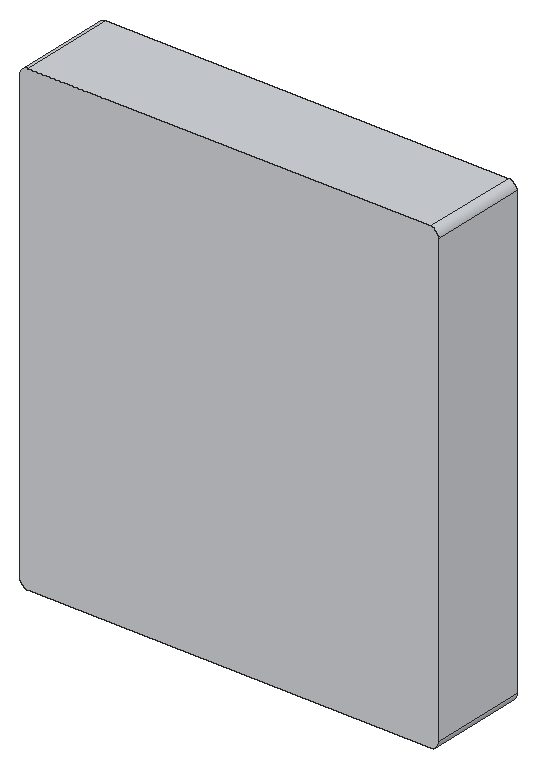
Revit family "Atlas_Sound_IP-SDM_Wall_Flush_Mounted", category Communication Devices, host Wall, Revit 2016
Family settings
  Host = Wall
  Maintain Annotation Orientation = No
  Part Type = Normal
  Round Connector Dimension = Use Diameter
  Always vertical = Yes
  Cut with Voids When Loaded = No
  Shared = No
  Room Calculation Point = No
Parameters
  Warranty Duration (Years) = 0
  URL = "https://www.atlasied.com/ip-sdm"
  Specification = ""
  SpecWizard = ""
  Send Message = ""
  Sales Information = ""
  Revision = ""
  Product Properties = ""
  Product Data = "https://www.atlasied.com/f/5898/ipx-series-endpoint-speaker-install-sheet.pdf"
  OmniClass Title = ""
  OmniClass Number = ""
  MasterFormat04 Keynote = ""
  Manufacturer's Notes = ""
  Manufacturer Website = "https://www.atlasied.com/"
  Manufacturer Phone - Toll Free = "800-876-3333"
  Manufacturer Phone = "602-438-4545"
  Manufacturer Fax = "602-438-8692"
  Manufacturer Email = ""
  Manufacturer Address = "4545 E. Baseline Rd. Phoenix, AZ 85040"
  Manufacturer = "Atlas Sound"
  Maintenance Schedule (Months) = 0
  Installation-Fabrication = "https://www.atlasied.com/f/5898/ipx-series-endpoint-speaker-install-sheet.pdf"
  Installation Phase = ""
  Green Building-LEED = ""
  Expected Lifespan (Years) = 0
  Drawn By = "Matt Wunch"
  Description = "POE+ indoor wall mount IP speaker with LCD display and paging microphone"
  Copyright = "Arcat, Inc. ©2018"
  Construction Details = ""
  Company_ID = 38830
  Category = ""
  Building Codes = ""
Reference planes (in)
  plane 1: y = 0
  plane 2 "Center (Left/Right)": x = 0
  plane 3 "Wall Edge": y = 3
Text (in)
  text "Placement Side" at (0, 40.15149, 123.01588), in view "Right"
  text "Placement Side" at (-70.3804, 28.46503, 0), in view "Ref. Level"
  text "Placement Side" at (0, 81.62555, 140.59947), in view "Left"
Dimensions and locks (in)
  locked: plane 3 "Wall Edge" to host wall
Nested families (in)
  nested 1: "Nested_Family_IP-SDM" at (0, 3, 48) x (-1, 0, 0) z (0, 1, 0), type "Nested_Family_IP-SDM"
Connectors (in)
  electrical at (0, 3, 48)
    settings: on nested 1, index 1, voltage 0 V, apparent load 0 VA, apparent load phase1 0 VA, apparent load phase2 0 VA, apparent load phase3 0 VA, power factor 1, load classification "Other", number of poles 1, system type 14, power factor state 1, is connector primary yes, connector utility no, sub classification motor no, connector description ""
Definition of nested family "Nested_Family_IP-SDM"
  Parameters (values of type "Nested_Family_IP-SDM")
    Warranty Duration (Years) = 0
    URL = "https://www.atlasied.com/ip-sm"
    Specification = ""
    SpecWizard = ""
    Send Message = ""
    Sales Information = ""
    Revision = ""
    Product Properties = ""
    Product Data = "https://www.atlasied.com/f/5898/ipx-series-endpoint-speaker-install-sheet.pdf"
    OmniClass Title = ""
    OmniClass Number = ""
    Model = "IP-SM"
    MasterFormat04 Keynote = ""
    Manufacturer's Notes = ""
    Manufacturer Website = "https://www.atlasied.com/"
    Manufacturer Phone - Toll Free = "800-876-3333"
    Manufacturer Phone = "602-438-4545"
    Manufacturer Fax = "602-438-8692"
    Manufacturer Email = ""
    Manufacturer Address = "4545 E. Baseline Rd. Phoenix, AZ 85040"
    Manufacturer = "Atlas Sound"
    Maintenance Schedule (Months) = 0
    Width = 1' - 0 7/8"
    Installation-Fabrication = "https://www.atlasied.com/f/5898/ipx-series-endpoint-speaker-install-sheet.pdf"
    Installation Phase = ""
    Height = 1' - 2 3/8"
    Green Building-LEED = ""
    Expected Lifespan (Years) = 0
    Drawn By = "Matt Wunch"
    Description = "POE+ indoor wall / ceiling mount IP speaker with paging microphone"
    Default Elevation = 4' - 0"
    Copyright = "Arcat, Inc. ©2018"
    Construction Details = ""
    Company_ID = 38830
    Category = ""
    Building Codes = ""
  Reference planes (in)
    plane 1 "Center (Front/Back)": y = 0
    plane 2: z = 0
    plane 3 "Center (Left/Right)": x = 0
    plane 4: x = -6.4375
    plane 5: x = 6.4375
    plane 6: y = -7.1875
    plane 7: y = 7.1875
  Forms (in)
    Extrusion 1, solid
      sketch origin (0, 0, 0) x (1, 0, 0) y (0, 1, 0)
        loop
          arc (-6.1875, 7.1875) -> (-6.36428, 7.11428) -> (-6.4375, 6.9375) r 0.25
          line (-6.4375, 6.9375) -> (-6.4375, -6.9375)
          arc (-6.4375, -6.9375) -> (-6.36428, -7.11428) -> (-6.1875, -7.1875) r 0.25
          line (-6.1875, -7.1875) -> (6.1875, -7.1875)
          arc (6.1875, -7.1875) -> (6.36428, -7.11428) -> (6.4375, -6.9375) r 0.25
          line (6.4375, -6.9375) -> (6.4375, 6.9375)
          arc (6.4375, 6.9375) -> (6.36428, 7.11428) -> (6.1875, 7.1875) r 0.25
          line (6.1875, 7.1875) -> (-6.1875, 7.1875)
      from -3 to 0
  Lines and regions (in)
    model lines
      curve 1: line (-6.0625, 6.6875, 0) -> (6.0625, 6.6875, 0)
      curve 2: line (-6.3125, -6.4375, 0) -> (-6.3125, 6.4375, 0)
      curve 3: line (6.0625, -6.6875, 0) -> (-6.0625, -6.6875, 0)
      curve 4: line (6.3125, 6.4375, 0) -> (6.3125, -6.4375, 0)
      curve 5: arc (-6.3125, 6.4375, 0) -> (-6.23928, 6.61428, 0) -> (-6.0625, 6.6875, 0) r 0.25
      curve 6: arc (6.0625, 6.6875, 0) -> (6.23928, 6.61428, 0) -> (6.3125, 6.4375, 0) r 0.25
      curve 7: arc (6.3125, -6.4375, 0) -> (6.23928, -6.61428, 0) -> (6.0625, -6.6875, 0) r 0.25
      curve 8: arc (-6.0625, -6.6875, 0) -> (-6.23928, -6.61428, 0) -> (-6.3125, -6.4375, 0) r 0.25
      curve 9: line (-5.375, -2.1875, 0) -> (5.375, -2.1875, 0)
      curve 10: line (-5.5, -5.5625, 0) -> (-5.5, -2.3125, 0)
      curve 11: line (5.375, -5.6875, 0) -> (-5.375, -5.6875, 0)
      curve 12: line (5.5, -2.3125, 0) -> (5.5, -5.5625, 0)
      curve 13: arc (-5.5, -2.3125, 0) -> (-5.46339, -2.22411, 0) -> (-5.375, -2.1875, 0) r 0.125
      curve 14: arc (-5.5, -5.5625, 0) -> (-5.46339, -5.65089, 0) -> (-5.375, -5.6875, 0) r 0.125
      curve 15: arc (5.375, -5.6875, 0) -> (5.46339, -5.65089, 0) -> (5.5, -5.5625, 0) r 0.125
      curve 16: arc (5.5, -2.3125, 0) -> (5.46339, -2.22411, 0) -> (5.375, -2.1875, 0) r 0.125
  Dimensions and locks (in)
    equal spacing: plane 4, plane 3 "Center (Left/Right)", plane 5
    "Width": plane 4 to plane 5
    equal spacing: plane 7, plane 1 "Center (Front/Back)", plane 6
    "Height": plane 7 to plane 6
    aligned and locked: plane 2 to level
    aligned and locked: Extrusion 1 sketch curve to plane 4
    aligned and locked: Extrusion 1 sketch curve to plane 7
    aligned and locked: Extrusion 1 sketch curve to plane 5
    aligned and locked: Extrusion 1 sketch curve to plane 6
  Automatic sketch dimensions
    Extrusion 1 sketch curve to plane 4 = 0' - 0 1/4"  (x2)
    Extrusion 1 sketch curve to plane 5 = 0' - 0 1/4"  (x2)
    curve 8 to Extrusion 1 = 0' - 0 3/8"
    curve 5 to Extrusion 1 = 0' - 0 3/8"
    curve 6 to Extrusion 1 = 0' - 0 3/8"
    curve 7 to Extrusion 1 = 0' - 0 3/8"
    curve 8 to Extrusion 1 = 0' - 0 3/4"
    curve 6 to Extrusion 1 = 0' - 0 3/4"
    curve 2 to Extrusion 1 = 0' - 0 1/8"
    curve 6 to Extrusion 1 = 0' - 0 1/8"
    curve 13 to Extrusion 1 = 0' - 1 1/16"
    curve 15 to Extrusion 1 = 0' - 1 1/16"
    curve 8 to curve 14 = 0' - 0 7/8"
    curve 7 to curve 15 = 0' - 0 7/8"
    curve 15 to curve 16 = 0' - 3 1/4"
    curve 14 to curve 14 = 0' - 0 1/8"
    curve 13 to curve 13 = 0' - 0 1/8"
    curve 16 to curve 12 = 0' - 0 1/8"
